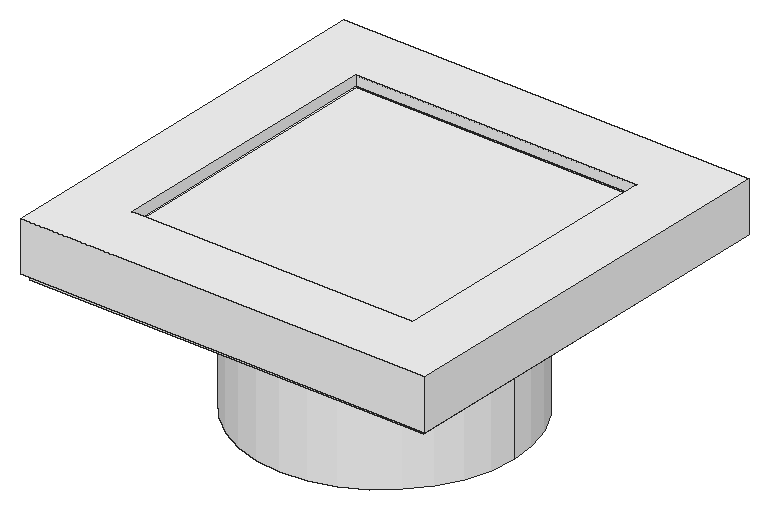
Revit family "Gira_284403", category Electrical Fixtures, host Face, Revit 2017
Family settings
  Host = Face
  Maintain Annotation Orientation = Yes
  Round Connector Dimension = Use Diameter
  Part Type = Normal
  Cut with Voids When Loaded = No
  Shared = No
  Room Calculation Point = No
Parameters (values of type "Rocker btn BS 3-g NO con. System 55 p.white")
  With lighting = "No"
  White [instance] = White
  URL = "http://katalog.gira.de/en/datenblatt.html?artikelnr=284403"
  Type of fastening = "Mounting with claw and screw"
  Transparent = "No"
  Surface protection = "Other"
  Surface finishing = "Glossy"
  Suitable for degree of protection (IP) = "IP20"
  RAL-number (akin) = "9010"
  Number of rockers = "3"
  Name = "Rocker btn BS 3-g NO con. System 55 p.white"
  Mounting method = "Flush mounted (plaster)"
  Model = "Group push button"
  Method of operation = "Rocker"
  Material quality = "Thermoplastic"
  Material = "Plastic"
  Manufacturer URL = "https://www.gira.de/"
  Manufacturer = "Gira"
  Label space/information surface = "No"
  Imprint = "None"
  HeinzeBIM = "https://bimportal.heinze.de/bim/rocker-btn-bs-3-g-no-con-system-55-p-white/642d79fcd8ff5a669a9b2d2db76943cb1863533a"
  Halogen free = "Yes"
  HAN = "284403"
  GTIN = "4010337082040"
  Description = "Rock.btn BS 3g 10A NO con.1-p Sys55 PW,British Standard rocker button (BS EN 60669-1), 3-gang 10 A 250 V~ with rockers,System 55, support ring 71 x 71 mm, NO contact 1-pole,pure white glossy,Features:,- With screw terminals.,,Notes :,- For screw mounting only."
  Default Elevation = 1219.2 mm
  Data sheet (1) = "https://katalog.gira.de/en/download.html?artikelnr=284403"
  Contacts = "Other"
  Colour = "White"
  Category = "Push-switch button"
  BIM (1) = "https://media.stage.bim.site/public/gira/36a6b08/Sys55_Komplettgerät_Schalten und Tasten.rfa?public/gira/36a6b08/Sys55_Komplettgerät_Schalten und Tasten.rfa"
  Available = "No"
  Assembly arrangement = "Basic element with adapter plate"
Reference planes
  plane 1 "Center (Front/Back)": y = 0
  plane 2: z = 0
  plane 3 "Center (Left/Right)": x = 0
Forms (mm)
  Extrusion 1, solid, material "White" <- "White", detail levels medium
    sketch origin (0, 0, 0) x (1, 0, 0) y (0, 1, 0)
      loop
        line (-40.4, 40.4) -> (-40.4, -40.4) -> (40.4, -40.4) -> (40.4, 40.4) -> (-40.4, 40.4)
      loop
        line (-28, 28) -> (-28, -28) -> (28, -28) -> (28, 28) -> (-28, 28)
    from 0 to 10
  Extrusion 2, solid, material "White" <- "White", detail levels fine
    sketch origin (0, 0, 0) x (1, 0, 0) y (0, 1, 0)
      loop
        line (-40.4, 40.4) -> (-40.4, -40.4) -> (40.4, -40.4) -> (40.4, 40.4) -> (-40.4, 40.4)
      loop
        line (-28, 28) -> (-28, -28) -> (28, -28) -> (28, 28) -> (-28, 28)
    from 0 to 10
  Extrusion 3, void
    sketch origin (0, 0, 0) x (1, 0, 0) y (0, 1, 0)
      loop
        line (-38.4, 38.4) -> (-38.4, -38.4) -> (38.4, -38.4) -> (38.4, 38.4) -> (-38.4, 38.4)
    from 0 to 8
  Extrusion 4, solid, material "White" <- "White", detail levels medium+fine
    sketch origin (0, 0, 0) x (1, 0, 0) y (0, 1, 0)
      loop
        line (-39.4, 39.4) -> (-39.4, -39.4) -> (39.4, -39.4) -> (39.4, 39.4) -> (-39.4, 39.4)
    from 0 to -1
  Extrusion 5, solid, material "White" <- "White", detail levels medium+fine
    sketch origin (0, 0, 0) x (1, 0, 0) y (0, 1, 0)
      loop
        line (-35.5, 35.5) -> (-35.5, -35.5) -> (35.5, -35.5) -> (35.5, 35.5) -> (-35.5, 35.5)
    from -2 to -3
  Extrusion 6, solid, material "White" <- "White", detail levels medium+fine
    sketch origin (0, 0, 0) x (1, 0, 0) y (0, 1, 0)
      loop
        circle (0, 0) r 26
    from 0 to -27.5
  Extrusion 7, solid, material "White" <- "White", detail levels coarse
    sketch origin (0, 0, 0) x (1, 0, 0) y (0, 1, 0)
      loop
        line (-40.4, 40.4) -> (-40.4, -40.4) -> (40.4, -40.4) -> (40.4, 40.4) -> (-40.4, 40.4)
    from -27.5 to 10
Cuts and joins
  Extrusion 3 cuts Extrusion 2
Dimensions and locks
  aligned and locked: plane 2 to host face
  aligned and locked: level to host face
  aligned and locked: plane 3 "Center (Left/Right)" to nested 2
  aligned and locked: plane 1 "Center (Front/Back)" to nested 2
Nested families
  nested 1: "Sys55_Abdeckung_Schalten und Tasten_floor_base" at (0, 0, 0), type "Sys55_Abdeckung_Schalten und Tasten_floor_base"
  nested 2: "Schalter" at (0, 0, 0), type "Schalter"
Connectors
  electrical at (0, 0, -27.5)
    settings: on Extrusion 6, index 1, voltage 220 V, apparent load 0 VA, apparent load phase1 0 VA, apparent load phase2 0 VA, apparent load phase3 0 VA, power factor 1, load classification "Other", number of poles 1, system type 30, power factor state 1, is connector primary yes, connector utility no, sub classification motor no, connector description ""
Definition of nested family "Sys55_Abdeckung_Schalten und Tasten_floor_base"
  Parameters
    Default Elevation = 1219.2 mm
    White [instance] = none
  Reference planes
    plane 1 "Center (Front/Back)": y = 0
    plane 2: z = 0
    plane 3 "Center (Left/Right)": x = 0
  Forms (mm)
    Extrusion 1, solid
      sketch origin (0, 0, 0) x (1, 0, 0) y (0, 1, 0)
        loop
          line (-1219.2, 1219.2) -> (-1219.2, -1219.2) -> (1219.2, -1219.2) -> (1219.2, 1219.2) -> (-1219.2, 1219.2)
      from 0 to -304.8
    Extrusion 2, solid, material <- "White", detail levels fine
      sketch origin (0, 0, 0) x (1, 0, 0) y (0, 1, 0)
        loop
          line (-27.5, 27.5) -> (-27.5, -27.5) -> (27.5, -27.5) -> (27.5, 27.5) -> (-27.5, 27.5)
      from 0 to 8
    Extrusion 3, void
      sketch origin (0, 0, 0) x (1, 0, 0) y (0, 1, 0)
        loop
          line (26, 26) -> (-26, 26) -> (-26, -26) -> (26, -26) -> (26, 26)
      from 0 to 6
    Extrusion 4, solid, material <- "White", detail levels medium
      sketch origin (0, 0, 0) x (1, 0, 0) y (0, 1, 0)
        loop
          line (-27.5, 27.5) -> (-27.5, -27.5) -> (27.5, -27.5) -> (27.5, 27.5) -> (-27.5, 27.5)
      from 0 to 8
    Extrusion 5, solid, material <- "White", detail levels medium
      sketch origin (0, 0, 0) x (1, 0, 0) y (0, 1, 0)
        loop
          line (11, -17.5) -> (11, 17.5) -> (-11, 17.5) -> (-11, -17.5) -> (11, -17.5)
      from -6 to 6
    Extrusion 6, solid, material <- "White", detail levels fine
      sketch origin (0, 0, 0) x (1, 0, 0) y (0, 1, 0)
        loop
          line (11, 17.5) -> (-11, 17.5) -> (-11, 16.5) -> (11, 16.5) -> (11, 17.5)
        loop
          line (-11, -16.5) -> (-11, -17.5) -> (11, -17.5) -> (11, -16.5) -> (-11, -16.5)
      from -4 to 6
    Extrusion 7, solid, material <- "White", detail levels fine
      sketch origin (0, 0, 0) x (1, 0, 0) y (0, 1, 0)
        loop
          arc (5, 9.347) -> (0, 10.6) -> (-5, 9.347) r 10.6
          line (-5, 9.347) -> (-5, -9.347)
          arc (-5, -9.347) -> (0, -10.6) -> (5, -9.347) r 10.6
          line (5, -9.347) -> (5, 9.347)
      from -6 to 6
    Extrusion 8, solid, material <- "White", detail levels coarse
      sketch origin (0, 0, 0) x (1, 0, 0) y (0, 1, 0)
        loop
          line (-27.5, 27.5) -> (-27.5, -27.5) -> (27.5, -27.5) -> (27.5, 27.5) -> (-27.5, 27.5)
      from -6 to 8
  Cuts and joins
    Extrusion 3 cuts Extrusion 2
  Dimensions and locks
    aligned and locked: plane 2 to Extrusion 1
    aligned and locked: level to Extrusion 1
Definition of nested family "Schalter"
  Reference planes
    plane 1: y = 0
    plane 2: x = 0
  Lines and regions (mm)
    detail lines
      curve 1: circle (1.375, 2.778, 0) r 0.8 normal (0, 0, 1)
      curve 2: line (1.021, 2.061, 0) -> (0, 0, 0)
      curve 3: line (0, 0, 0) -> (-0.538, 0.266, 0)
  Dimensions and locks
    curve 2 to curve 2 = 2.3 mm
    curve 3 to curve 2 = 0.6 mm
    radius of curve 1 = 0.8 mm
